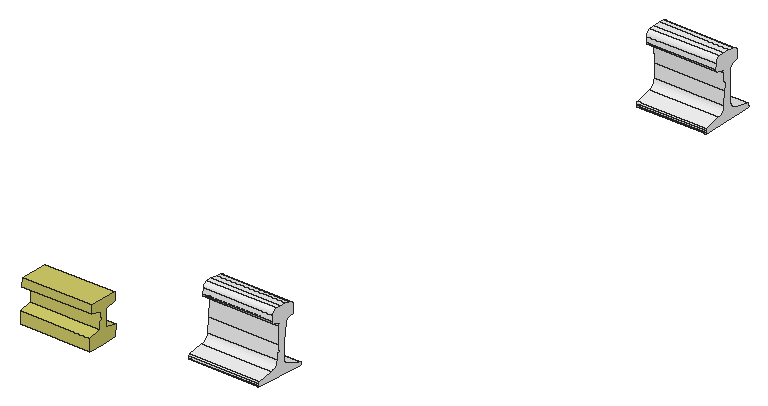
Revit family "R_Rails_ByLine", category Обобщенные модели, Revit 2021
Family settings
  Может служить основой для арматурных стержней = Нет
  Размер круглого соединителя = Использовать диаметр
  Тип детали = Нормальный
  При загрузке вырезать с полостями = Нет
  Общий = Нет
  Точка принадлежности помещению = Нет
Parameters (values of type "R")
  Default Elevation = 0 mm
  built-in parameter 1001306 [instance] = Length  # 200 mm
  Length [instance] = 200 mm
Reference planes
  plane 1 "По центру (Вперед/Назад)": y = 0
  plane 2: z = 0
  plane 3 "Слева": x = 0
  plane 4 "Справа": x = 200
Forms (mm)
  Sweep 1, solid, material "Металл - Сталь"
    path origin (0, -84.609, 0) x (1, 0, 0) y (0, 1, 0)
      loop
        line (0, 0) -> (200, 0)
    profile origin (100, -84.609, 0) x (0, 1, 0) y (0, 0, 1)
      loop
        arc (-895.274, 203.009) -> (-891.834, 209.185) -> (-885.515, 212.353) r 12
        line (-885.515, 212.353) -> (-872.857, 214.469)
        arc (-872.857, 214.469) -> (-869.914, 216.113) -> (-868.683, 219.251) r 5
        line (-868.683, 219.251) -> (-868.209, 235.062)
        arc (-868.209, 235.062) -> (-871.052, 244.369) -> (-879.008, 249.972) r 15
        arc (-879.008, 249.972) -> (-886.132, 251.68) -> (-893.383, 252.729) r 80
        arc (-893.383, 252.729) -> (-903.343, 253.627) -> (-913.32, 254.326) r 500
        arc (-913.32, 254.326) -> (-920.645, 254.445) -> (-927.951, 253.894) r 80
        arc (-927.951, 253.894) -> (-936.697, 249.628) -> (-940.986, 240.893) r 15
        line (-940.986, 240.893) -> (-943.035, 225.208)
        arc (-943.035, 225.208) -> (-942.32, 221.914) -> (-939.676, 219.823) r 5
        line (-939.676, 219.823) -> (-927.517, 215.718)
        arc (-927.517, 215.718) -> (-921.782, 211.584) -> (-919.369, 204.94) r 12
        arc (-919.369, 204.94) -> (-918.963, 181.037) -> (-920.102, 157.158) r 370
        arc (-920.102, 157.158) -> (-922.075, 138.206) -> (-924.949, 119.37) r 400
        arc (-924.949, 119.37) -> (-931.973, 105.966) -> (-945.444, 99.071) r 25
        line (-945.444, 99.071) -> (-988.507, 91.871)
        arc (-988.507, 91.871) -> (-990.794, 90.631) -> (-991.834, 88.245) r 4
        line (-991.834, 88.245) -> (-992.32, 82.186)
        arc (-992.32, 82.186) -> (-991.849, 80.729) -> (-990.486, 80.033) r 2
        line (-990.486, 80.033) -> (-844.952, 68.372)
        arc (-844.952, 68.372) -> (-843.496, 68.843) -> (-842.799, 70.206) r 2
        line (-842.799, 70.206) -> (-842.313, 76.266)
        arc (-842.313, 76.266) -> (-842.961, 78.786) -> (-845.021, 80.375) r 4
        line (-845.021, 80.375) -> (-886.389, 94.339)
        arc (-886.389, 94.339) -> (-898.589, 103.292) -> (-903.39, 117.643) r 25
        arc (-903.39, 117.643) -> (-903.228, 136.696) -> (-902.159, 155.72) r 400
        arc (-902.159, 155.72) -> (-899.481, 179.476) -> (-895.274, 203.009) r 370
  Sweep 2, solid, material "Металл - Сталь"
    path origin (0, 1492.188, 89.105) x (1, 0, 0) y (0, 1, 0)
      loop
        line (0, 0) -> (200, 0)
    profile origin (100, 1492.188, 89.105) x (0, 1, 0) y (0, 0, 1)
      loop
        arc (-880.636, 116.905) -> (-890.636, 116.822) -> (-900.633, 116.539) r 500
        arc (-900.633, 116.539) -> (-907.935, 115.939) -> (-915.151, 114.673) r 80
        arc (-915.151, 114.673) -> (-923.437, 109.57) -> (-926.848, 100.456) r 15
        line (-926.848, 100.456) -> (-927.348, 84.646)
        arc (-927.348, 84.646) -> (-926.313, 81.438) -> (-923.477, 79.616) r 5
        line (-923.477, 79.616) -> (-910.974, 76.724)
        arc (-910.974, 76.724) -> (-904.861, 73.173) -> (-901.808, 66.797) r 12
        arc (-901.808, 66.797) -> (-899.059, 43.049) -> (-897.85, 19.173) r 370
        arc (-897.85, 19.173) -> (-897.954, 0.12) -> (-898.967, -18.907) r 400
        arc (-898.967, -18.907) -> (-904.642, -32.935) -> (-917.371, -41.119) r 25
        line (-917.371, -41.119) -> (-959.52, -52.509)
        arc (-959.52, -52.509) -> (-961.675, -53.968) -> (-962.476, -56.444) r 4
        line (-962.476, -56.444) -> (-962.365, -62.521)
        arc (-962.365, -62.521) -> (-961.753, -63.925) -> (-960.328, -64.485) r 2
        line (-960.328, -64.485) -> (-814.353, -61.811)
        arc (-814.353, -61.811) -> (-812.949, -61.2) -> (-812.39, -59.775) r 2
        line (-812.39, -59.775) -> (-812.501, -53.697)
        arc (-812.501, -53.697) -> (-813.392, -51.252) -> (-815.599, -49.873) r 4
        line (-815.599, -49.873) -> (-858.137, -40.035)
        arc (-858.137, -40.035) -> (-871.157, -32.322) -> (-877.342, -18.511) r 25
        arc (-877.342, -18.511) -> (-879.05, 0.466) -> (-879.853, 19.503) r 400
        arc (-879.853, 19.503) -> (-879.518, 43.407) -> (-877.64, 67.239) r 370
        arc (-877.64, 67.239) -> (-874.823, 73.723) -> (-868.844, 77.495) r 12
        line (-868.844, 77.495) -> (-856.455, 80.843)
        arc (-856.455, 80.843) -> (-853.688, 82.768) -> (-852.771, 86.011) r 5
        line (-852.771, 86.011) -> (-853.85, 101.793)
        arc (-853.85, 101.793) -> (-857.592, 110.776) -> (-866.059, 115.572) r 15
        arc (-866.059, 115.572) -> (-873.317, 116.572) -> (-880.636, 116.905) r 80
  Sweep 3, solid, material "Steel_Yellow_ForContactRail"
    path origin (0, -2710.539, 466.313) x (1, 0, 0) y (0, 0.998202, -0.059946)
      loop
        line (0, 0) -> (200, 0)
    profile origin (100, -2710.539, 466.313) x (0, 0.998202, -0.059946) y (0, 0.059946, 0.998202)
      loop
        line (1109.983, 151.349) -> (1069.487, 150.046) -> (1029.025, 148.724) -> (1029.745, 126.235) -> (1060.511, 119.727) -> (1061.917, 74.687) -> (1027.272, 64.813) -> (1028.275, 32.105)
        arc (1028.275, 32.105) -> (1050.811, 31.316) -> (1073.359, 31.544) r 500
        arc (1073.359, 31.544) -> (1095.834, 32.785) -> (1118.231, 35.037) r 500
        line (1118.231, 35.037) -> (1117.22, 67.741) -> (1081.9, 75.355) -> (1080.491, 120.343) -> (1110.678, 128.882) -> (1109.983, 151.349)
Lines and regions (mm)
  reference lines
    curve 1: line (0, 0, 0) -> (200, 0, 0)
Dimensions and locks
  "built-in parameter 1001306": plane 3 "Слева" to plane 4 "Справа"
  "Length": Sweep 1 sketch curve to Sweep 1 sketch curve
  "Length": Sweep 2 sketch curve to Sweep 2 sketch curve
  "Length": Sweep 3 sketch curve to Sweep 3 sketch curve
  aligned and locked: plane 4 "Справа" to curve 1
  aligned and locked: plane 1 "По центру (Вперед/Назад)" to curve 1
  aligned and locked: plane 3 "Слева" to curve 1
  aligned and locked: level to plane 2
Automatic sketch dimensions
  level to Sweep 1 sketch curve = 189.103 mm
  profile plane to Sweep 1 sketch curve = 1318.824 mm
  Sweep 1 sketch curve to Sweep 1 sketch curve = 29.904 mm  (x2)
  level to Sweep 1 sketch curve = 82.186 mm
  Sweep 1 sketch curve to Sweep 1 sketch curve = 296.6 mm
  level to Sweep 1 sketch curve = 88.245 mm
  Sweep 1 sketch curve to Sweep 1 sketch curve = 0.485 mm
  level to Sweep 1 sketch curve = 80.033 mm
  Sweep 1 sketch curve to Sweep 1 sketch curve = 1.834 mm
  Sweep 1 sketch curve to Sweep 1 sketch curve = 0.16 mm  (x2)
  level to Sweep 1 sketch curve = 91.871 mm
  Sweep 1 sketch curve to Sweep 1 sketch curve = 3.328 mm
  Sweep 1 sketch curve to Sweep 1 sketch curve = 3.987 mm  (x2)
  Sweep 1 sketch curve to Sweep 1 sketch curve = 38.94 mm
  level to Sweep 1 sketch curve = 99.071 mm
  Sweep 1 sketch curve to Sweep 1 sketch curve = 4.122 mm
  Sweep 1 sketch curve to Sweep 1 sketch curve = 47.21 mm
  level to Sweep 1 sketch curve = 225.208 mm
  Sweep 1 sketch curve to Sweep 1 sketch curve = 6.531 mm
  Sweep 1 sketch curve to Sweep 1 sketch curve = 2.049 mm
  level to Sweep 1 sketch curve = 219.823 mm
  Sweep 1 sketch curve to Sweep 1 sketch curve = 3.359 mm
  Sweep 1 sketch curve to Sweep 1 sketch curve = 4.958 mm
  Sweep 1 sketch curve to Sweep 1 sketch curve = 8.322 mm
  level to Sweep 1 sketch curve = 215.718 mm
  Sweep 1 sketch curve to Sweep 1 sketch curve = 3.838 mm
  Sweep 1 sketch curve to Sweep 1 sketch curve = 14.881 mm
  Sweep 1 sketch curve to Sweep 1 sketch curve = 13.075 mm
  Sweep 1 sketch curve to Sweep 1 sketch curve = 17.08 mm
  level to Sweep 1 sketch curve = 94.339 mm
  Sweep 1 sketch curve to Sweep 1 sketch curve = 59.055 mm
  level to Sweep 1 sketch curve = 212.353 mm
  Sweep 1 sketch curve to Sweep 1 sketch curve = 42.002 mm
  Sweep 1 sketch curve to Sweep 1 sketch curve = 1.979 mm
  Sweep 1 sketch curve to Sweep 1 sketch curve = 2.314 mm
  Sweep 1 sketch curve to Sweep 1 sketch curve = 7.996 mm
  Sweep 1 sketch curve to Sweep 1 sketch curve = 11.834 mm
  level to Sweep 1 sketch curve = 214.469 mm
  Sweep 1 sketch curve to Sweep 1 sketch curve = 0.824 mm
  level to Sweep 1 sketch curve = 219.251 mm
  Sweep 1 sketch curve to Sweep 1 sketch curve = 4.998 mm
  level to Sweep 1 sketch curve = 235.062 mm
  Sweep 1 sketch curve to Sweep 1 sketch curve = 14.991 mm
  Sweep 1 sketch curve to Sweep 1 sketch curve = 40.088 mm
  level to Sweep 1 sketch curve = 80.375 mm
  Sweep 1 sketch curve to Sweep 1 sketch curve = 1.279 mm
  level to Sweep 1 sketch curve = 68.372 mm
  Sweep 1 sketch curve to Sweep 1 sketch curve = 1.348 mm
  level to Sweep 1 sketch curve = 70.206 mm
  Sweep 1 sketch curve to Sweep 1 sketch curve = 1.994 mm
  level to Sweep 1 sketch curve = 76.266 mm
  level to Sweep 1 sketch curve = 126.17 mm
  Sweep 1 sketch curve to Sweep 1 sketch curve = 308.973 mm
  Sweep 1 sketch curve to level = 244.775 mm
  Sweep 1 sketch curve to Sweep 1 sketch curve = 23.687 mm
  Sweep 1 sketch curve to Sweep 1 sketch curve = 24.658 mm
  Sweep 1 sketch curve to Sweep 1 sketch curve = 2.396 mm  (x2)
  Sweep 1 sketch curve to Sweep 1 sketch curve = 39.241 mm
  Sweep 1 sketch curve to Sweep 1 sketch curve = 1.368 mm
  Sweep 1 sketch curve to Sweep 1 sketch curve = 11.836 mm
  Sweep 1 sketch curve to Sweep 1 sketch curve = 11.37 mm
  Sweep 1 sketch curve to Sweep 1 sketch curve = 0.508 mm
  Sweep 1 sketch curve to Sweep 1 sketch curve = 14.447 mm
  Sweep 1 sketch curve to Sweep 1 sketch curve = 1.885 mm
  Sweep 1 sketch curve to Sweep 1 sketch curve = 1.846 mm
  Sweep 1 sketch curve to Sweep 1 sketch curve = 0 mm  (x4)
  Sweep 1 sketch curve to Sweep 1 sketch curve = 14.631 mm
  Sweep 1 sketch curve to Sweep 1 sketch curve = 10.183 mm
  profile plane to Sweep 2 sketch curve = 11.85 mm
  profile plane to Sweep 2 sketch curve = 1297.782 mm
  Sweep 2 sketch curve to Sweep 2 sketch curve = 29.995 mm  (x2)
  Sweep 2 sketch curve to profile plane = 56.444 mm
  Sweep 2 sketch curve to Sweep 2 sketch curve = 305.312 mm
  Sweep 2 sketch curve to profile plane = 62.521 mm
  Sweep 2 sketch curve to Sweep 2 sketch curve = 0.111 mm
  Sweep 2 sketch curve to Sweep 2 sketch curve = 2 mm  (x2)
  Sweep 2 sketch curve to profile plane = 64.485 mm
  Sweep 2 sketch curve to Sweep 2 sketch curve = 0.037 mm  (x2)
  Sweep 2 sketch curve to profile plane = 52.509 mm
  Sweep 2 sketch curve to Sweep 2 sketch curve = 2.956 mm
  Sweep 2 sketch curve to Sweep 2 sketch curve = 3.999 mm  (x2)
  profile plane to Sweep 2 sketch curve = 84.646 mm
  Sweep 2 sketch curve to Sweep 2 sketch curve = 32.172 mm
  profile plane to Sweep 2 sketch curve = 100.456 mm
  Sweep 2 sketch curve to Sweep 2 sketch curve = 0.501 mm
  Sweep 2 sketch curve to profile plane = 16.985 mm
  Sweep 2 sketch curve to Sweep 2 sketch curve = 35.627 mm
  profile plane to Sweep 2 sketch curve = 79.616 mm
  Sweep 2 sketch curve to Sweep 2 sketch curve = 3.871 mm
  Sweep 2 sketch curve to Sweep 2 sketch curve = 4.997 mm
  Sweep 2 sketch curve to profile plane = 41.119 mm
  Sweep 2 sketch curve to Sweep 2 sketch curve = 6.522 mm
  Sweep 2 sketch curve to Sweep 2 sketch curve = 9.8 mm
  Sweep 2 sketch curve to Sweep 2 sketch curve = 14.994 mm
  profile plane to Sweep 2 sketch curve = 76.724 mm
  Sweep 2 sketch curve to Sweep 2 sketch curve = 2.704 mm
  Sweep 2 sketch curve to Sweep 2 sketch curve = 15.942 mm
  Sweep 2 sketch curve to Sweep 2 sketch curve = 78.847 mm
  Sweep 2 sketch curve to Sweep 2 sketch curve = 17.132 mm
  profile plane to Sweep 2 sketch curve = 77.495 mm
  Sweep 2 sketch curve to Sweep 2 sketch curve = 42.129 mm
  Sweep 2 sketch curve to Sweep 2 sketch curve = 0.026 mm
  Sweep 2 sketch curve to Sweep 2 sketch curve = 3.13 mm
  Sweep 2 sketch curve to profile plane = 40.035 mm
  Sweep 2 sketch curve to Sweep 2 sketch curve = 40.83 mm
  Sweep 2 sketch curve to Sweep 2 sketch curve = 11.085 mm
  profile plane to Sweep 2 sketch curve = 80.843 mm
  Sweep 2 sketch curve to Sweep 2 sketch curve = 1.304 mm
  profile plane to Sweep 2 sketch curve = 101.793 mm
  Sweep 2 sketch curve to Sweep 2 sketch curve = 14.969 mm
  profile plane to Sweep 2 sketch curve = 86.011 mm
  Sweep 2 sketch curve to Sweep 2 sketch curve = 4.988 mm
  Sweep 2 sketch curve to Sweep 2 sketch curve = 5.634 mm
  Sweep 2 sketch curve to Sweep 2 sketch curve = 41.636 mm
  Sweep 2 sketch curve to profile plane = 49.873 mm
  Sweep 2 sketch curve to Sweep 2 sketch curve = 0.901 mm
  Sweep 2 sketch curve to Sweep 2 sketch curve = 2.111 mm
  Sweep 2 sketch curve to profile plane = 61.811 mm
  Sweep 2 sketch curve to profile plane = 53.697 mm
  Sweep 2 sketch curve to profile plane = 59.775 mm
  profile plane to Sweep 2 sketch curve = 26.278 mm
  Sweep 2 sketch curve to Sweep 2 sketch curve = 302.586 mm
  Sweep 2 sketch curve to Sweep 2 sketch curve = 318.61 mm
  Sweep 2 sketch curve to profile plane = 15.678 mm
  profile plane to Sweep 2 sketch curve = 12.399 mm
  profile plane to Sweep 2 sketch curve = 26.827 mm
  profile plane to Sweep 2 sketch curve = 36.591 mm
  Sweep 2 sketch curve to Sweep 2 sketch curve = 0.314 mm
  Sweep 2 sketch curve to Sweep 2 sketch curve = 11.691 mm
  Sweep 2 sketch curve to Sweep 2 sketch curve = 11.585 mm
  Sweep 2 sketch curve to Sweep 2 sketch curve = 0.416 mm
  Sweep 2 sketch curve to Sweep 2 sketch curve = 0.965 mm
  Sweep 2 sketch curve to Sweep 2 sketch curve = 3.298 mm
  Sweep 2 sketch curve to Sweep 2 sketch curve = 0 mm  (x3)
  Sweep 2 sketch curve to Sweep 2 sketch curve = 14.518 mm
  Sweep 2 sketch curve to Sweep 2 sketch curve = 11.817 mm
  Sweep 2 sketch curve to Sweep 2 sketch curve = 0.752 mm
  Sweep 3 sketch curve to Sweep 3 sketch curve = 0 mm  (x2)
  profile plane to Sweep 3 sketch curve = 64.813 mm
  Sweep 3 sketch curve to profile plane = 1027.272 mm
  profile plane to Sweep 3 sketch curve = 32.105 mm
  Sweep 3 sketch curve to Sweep 3 sketch curve = 1.003 mm
  profile plane to Sweep 3 sketch curve = 148.724 mm
  Sweep 3 sketch curve to Sweep 3 sketch curve = 1.753 mm
  profile plane to Sweep 3 sketch curve = 126.235 mm
  Sweep 3 sketch curve to Sweep 3 sketch curve = 0.72 mm
  Sweep 3 sketch curve to Sweep 3 sketch curve = 28.005 mm
  profile plane to Sweep 3 sketch curve = 119.727 mm
  Sweep 3 sketch curve to Sweep 3 sketch curve = 30.766 mm
  profile plane to Sweep 3 sketch curve = 74.687 mm
  Sweep 3 sketch curve to Sweep 3 sketch curve = 34.645 mm
  profile plane to Sweep 3 sketch curve = 150.046 mm
  Sweep 3 sketch curve to Sweep 3 sketch curve = 8.976 mm
  profile plane to Sweep 3 sketch curve = 120.343 mm
  Sweep 3 sketch curve to Sweep 3 sketch curve = 19.98 mm
  profile plane to Sweep 3 sketch curve = 75.355 mm
  Sweep 3 sketch curve to Sweep 3 sketch curve = 19.983 mm
  profile plane to Sweep 3 sketch curve = 151.349 mm
  Sweep 3 sketch curve to Sweep 3 sketch curve = 40.496 mm
  profile plane to Sweep 3 sketch curve = 128.882 mm
  Sweep 3 sketch curve to Sweep 3 sketch curve = 0.696 mm
  profile plane to Sweep 3 sketch curve = 67.741 mm
  Sweep 3 sketch curve to Sweep 3 sketch curve = 35.321 mm
  profile plane to Sweep 3 sketch curve = 35.037 mm
  Sweep 3 sketch curve to Sweep 3 sketch curve = 1.011 mm
  profile plane to Sweep 3 sketch curve = 31.544 mm
  Sweep 1 sketch curve to plane 3 "Слева" = 0 mm
  plane 1 "По центру (Вперед/Назад)" to Sweep 1 sketch curve = 84.609 mm
  Sweep 2 sketch curve to plane 3 "Слева" = 0 mm
  Sweep 2 sketch curve to plane 1 "По центру (Вперед/Назад)" = 1492.188 mm
  Sweep 3 sketch curve to plane 3 "Слева" = 0 mm
